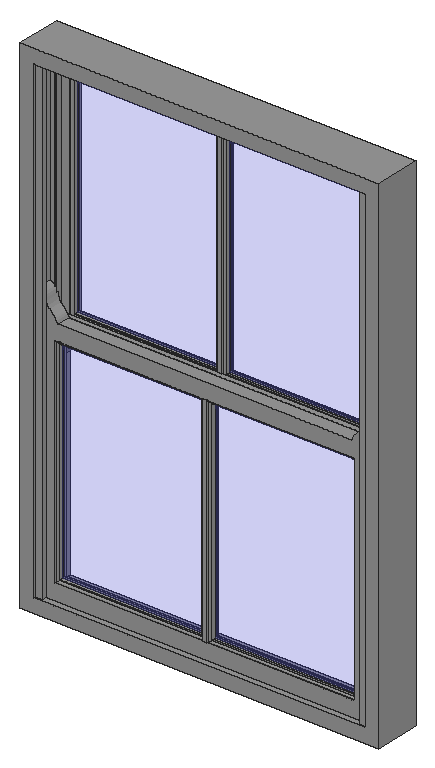
Revit family "HMEL3V", category Windows, host Wall, Revit 2015
Parameters (values of type "HMEL3V")
  Height = 1550 mm
  Default Lintel Height = 2100 mm
  Wall Closure = By host
  Width = 1100 mm
Reference planes
  plane 1 "Center (Front/Back)": y = 0
  plane 2 "Center (Left/Right)": x = 0
  plane 3 "Left": x = -550
  plane 4 "Right": x = 550
  plane 5 "Sill": z = 550
  plane 6 "Head": z = 2100
  plane 7 "Exterior": y = 100
  plane 8 "Interior": y = -100
  plane 9: y = -28.5
  plane 10: y = 23.5
  plane 11: z = 1325
  plane 12: z = 1353.5
  plane 13: z = 1296.5
Forms (mm)
  Sweep 1, solid, material "Lauan, Meranti"
    path origin (-10500, 23.5, 2100) x (0, 0, -1) y (-1, 0, 0)
      loop
        line (0, -11050) -> (1550, -11050) -> (1550, -9950) -> (0, -9950) -> (0, -11050)
    profile origin (0, 23.5, 2100) x (0, 0, 1) y (0, 1, 0)
      loop
        line (0, 46.5) -> (-42, 46.5) -> (-42, -93.5) -> (0, -93.5) -> (0, 46.5)
  Extrusion 2, solid, material "Lauan, Meranti"
    sketch origin (-10450, 7.5, 1787.5) x (0, 0, -1) y (-1, 0, 0)
      loop
        line (491, -10901) -> (491, -10958) -> (576, -10958)
        spline (576, -10958) -> (568.022, -10945.331) -> (558.494, -10938.581) -> (548.752, -10935.386) -> (540.116, -10933.399) -> (533.202, -10931.197) -> (527.644, -10928.636) -> (523.005, -10925.669) -> (518.783, -10922.149) -> (514.297, -10917.644) -> (508.83, -10911.691) -> (501.472, -10905.147) -> (491, -10901)
      loop
        spline (491, -9999) -> (501.472, -9994.853) -> (508.83, -9988.309) -> (514.297, -9982.356) -> (518.783, -9977.851) -> (523.005, -9974.331) -> (527.644, -9971.364) -> (533.202, -9968.803) -> (540.116, -9966.601) -> (548.752, -9964.614) -> (558.494, -9961.419) -> (568.022, -9954.669) -> (576, -9942)
        line (576, -9942) -> (491, -9942) -> (491, -9999)
    from 0 to 42
  Extrusion 3, solid, material "Lauan, Meranti"
    sketch origin (-10450, -49.5, 862.5) x (0, 0, 1) y (1, 0, 0)
      loop
        spline (491, 10901) -> (501.472, 10905.147) -> (508.83, 10911.691) -> (514.297, 10917.644) -> (518.783, 10922.149) -> (523.005, 10925.669) -> (527.644, 10928.636) -> (533.202, 10931.197) -> (540.116, 10933.399) -> (548.752, 10935.386) -> (558.494, 10938.581) -> (568.022, 10945.331) -> (576, 10958)
        line (576, 10958) -> (491, 10958) -> (491, 10901)
      loop
        line (491, 9999) -> (491, 9942) -> (576, 9942)
        spline (576, 9942) -> (568.022, 9954.669) -> (558.494, 9961.419) -> (548.752, 9964.614) -> (540.116, 9966.601) -> (533.202, 9968.803) -> (527.644, 9971.364) -> (523.005, 9974.331) -> (518.783, 9977.851) -> (514.297, 9982.356) -> (508.83, 9988.309) -> (501.472, 9994.853) -> (491, 9999)
    from 0 to 42
  Extrusion 4, solid, material "Lauan, Meranti"
    sketch origin (-350, 0, -325) x (0, -1, 0) y (0, 0, 1)
      loop
        line (7.5, 1678.5) -> (-7.5, 1678.5) -> (-7.5, 1659.5) -> (-4.5, 1659.5) -> (-4.5, 1656.5) -> (7.5, 1656.5) -> (7.5, 1672) -> (0.5, 1672) -> (0.5, 1675) -> (7.5, 1675) -> (7.5, 1678.5)
    from 136 to -836
  Sweep 5, solid, material "Lauan, Meranti"
    path origin (-10438.635, 31, 1890.568) x (0, 0, -1) y (-1, 0, 0)
      loop
        line (-167.432, -10946.635) -> (594.068, -10946.635) -> (594.068, -9930.635) -> (-167.432, -9930.635) -> (-167.432, -10946.635)
    profile origin (0, 31, 2058) x (0, 0, 1) y (0, 1, 0)
      loop
        line (-48, 18.5) -> (-48, -6.5) -> (-57, -6.5) -> (-57, -14.499) -> (-53.996, -14.499)
        arc (-53.996, -14.499) -> (-52.238, -18.744) -> (-47.994, -20.502) r 6.002
        line (-47.994, -20.502) -> (-47.994, -23.5) -> (0, -23.5) -> (0, 18.5) -> (-48, 18.5)
  Sweep 6, solid, material "Lauan, Meranti"
    path origin (-10445.632, 16, 1688.784) x (0, 0, -1) y (-1, 0, 0)
      loop
        line (335.284, -10953.632) -> (1096.784, -10953.632) -> (1096.784, -9937.632) -> (335.284, -9937.632) -> (335.284, -10953.632)
    profile origin (0, 16, 1353.5) x (0, 0, 1) y (0, 1, 0)
      loop
        line (0, -65.5) -> (0, -23.5) -> (-48, -23.5) -> (-48, -48.5) -> (-57, -48.5) -> (-57, -56.499) -> (-53.996, -56.499)
        arc (-53.996, -56.499) -> (-52.238, -60.744) -> (-47.994, -62.502) r 6.002
        line (-47.994, -62.502) -> (-47.994, -65.5) -> (0, -65.5)
  Extrusion 7, solid, material "Lauan, Meranti"
    sketch origin (0, -31, -690.964) x (1, 0, 0) y (0, 1, 0)
      loop
        line (-6.5, 23.5) -> (-6.5, -1.5) -> (-15.5, -1.5) -> (-15.5, -9.5) -> (-12.5, -9.5)
        arc (-12.5, -9.5) -> (-10.743, -13.743) -> (-6.5, -15.5) r 6
        line (-6.5, -15.5) -> (-6.5, -18.5) -> (6.5, -18.5) -> (6.5, -15.5)
        arc (6.5, -15.5) -> (10.743, -13.743) -> (12.5, -9.5) r 6
        line (12.5, -9.5) -> (15.5, -9.5) -> (15.5, -1.5) -> (6.5, -1.5) -> (6.5, 23.5) -> (-6.5, 23.5)
    from 1330.958 to 1996.471
  Extrusion 8, solid, material "Lauan, Meranti"
    sketch origin (0, 26, 253.471) x (1, 0, 0) y (0, 1, 0)
      loop
        line (-6.5, 23.5) -> (-6.5, -1.5) -> (-15.5, -1.5) -> (-15.5, -9.5) -> (-12.5, -9.5)
        arc (-12.5, -9.5) -> (-10.743, -13.743) -> (-6.5, -15.5) r 6
        line (-6.5, -15.5) -> (-6.5, -18.5) -> (6.5, -18.5) -> (6.5, -15.5)
        arc (6.5, -15.5) -> (10.743, -13.743) -> (12.5, -9.5) r 6
        line (12.5, -9.5) -> (15.5, -9.5) -> (15.5, -1.5) -> (6.5, -1.5) -> (6.5, 23.5) -> (-6.5, 23.5)
    from 1091.029 to 1756.529
  Extrusion 9, solid, material "Lauan, Meranti"
    sketch origin (-4.429, 187.242, 831.33) x (1, 0, 0) y (0, 1, 0)
      loop
        line (490.429, -194.742) -> (493.929, -194.742) -> (493.929, -187.742) -> (496.929, -187.742) -> (496.929, -194.742) -> (512.429, -194.742) -> (512.429, -182.742) -> (509.429, -182.742) -> (509.429, -179.742) -> (490.429, -179.742) -> (490.429, -194.742)
      loop
        line (490.429, -236.742) -> (490.429, -251.742) -> (509.429, -251.742) -> (509.429, -248.742) -> (512.429, -248.742) -> (512.429, -236.742) -> (496.929, -236.742) -> (496.929, -243.742) -> (493.929, -243.742) -> (493.929, -236.742) -> (490.429, -236.742)
      loop
        line (-481.571, -194.742) -> (-481.571, -179.742) -> (-500.571, -179.742) -> (-500.571, -182.742) -> (-503.571, -182.742) -> (-503.571, -194.742) -> (-488.071, -194.742) -> (-488.071, -187.742) -> (-485.071, -187.742) -> (-485.071, -194.742) -> (-481.571, -194.742)
      loop
        line (-481.571, -236.742) -> (-485.071, -236.742) -> (-485.071, -243.742) -> (-488.071, -243.742) -> (-488.071, -236.742) -> (-503.571, -236.742) -> (-503.571, -248.742) -> (-500.571, -248.742) -> (-500.571, -251.742) -> (-481.571, -251.742) -> (-481.571, -236.742)
    from -239.33 to 1226.67
  Sweep 10, solid, material "Lauan, Meranti"
    path origin (160.772, 92.5, -838.914) x (1, 0, 0) y (0, 0, 1)
      loop
        line (299.234, 2144.42) -> (-154.272, 2144.42) -> (-154.272, 1478.908) -> (299.234, 1478.908) -> (299.234, 2144.42)
    profile origin (233.253, 92.5, 1305.506) x (0, 0, -1) y (0, -1, 0)
      loop
        arc (0, 110.6) -> (4.67, 112.234) -> (7, 116.6) r 6.807
        line (7, 116.6) -> (9, 116.6) -> (9, 118.6) -> (0, 118.6) -> (0, 110.6)
  Sweep 11, solid, material "Lauan, Meranti"
    path origin (-25.112, 107.5, -360.739) x (1, 0, 0) y (0, 0, 1)
      loop
        line (485.112, 2370.739) -> (31.612, 2370.739) -> (31.612, 1705.239) -> (485.112, 1705.239) -> (485.112, 2370.739)
    profile origin (233.25, 107.5, 2010) x (0, 0, -1) y (0, -1, 0)
      loop
        arc (0, 68.6) -> (4.67, 70.234) -> (7, 74.6) r 6.807
        line (7, 74.6) -> (9, 74.6) -> (9, 76.6) -> (0, 76.6) -> (0, 68.6)
  Extrusion 12, solid, material "Glass"
    sketch origin (-10686.028, -32.5, 1463.068) x (0, 0, -1) y (-1, 0, 0)
      loop
        line (157.562, -11146.034) -> (823.074, -11146.034) -> (823.074, -10692.528) -> (157.562, -10692.528) -> (157.562, -11146.034)
      loop
        line (157.562, -10679.528) -> (823.074, -10679.528) -> (823.074, -10226.022) -> (157.562, -10226.022) -> (157.562, -10679.528)
    from 0 to 6.4
  Extrusion 13, solid, material "Glass"
    sketch origin (-10609.375, 24.5, 2027.035) x (0, 0, -1) y (-1, 0, 0)
      loop
        line (17.035, -11069.375) -> (682.535, -11069.375) -> (682.535, -10615.875) -> (17.035, -10615.875) -> (17.035, -11069.375)
      loop
        line (17.035, -10602.875) -> (682.535, -10602.875) -> (682.535, -10149.375) -> (17.035, -10149.375) -> (17.035, -10602.875)
    from 0 to 6.4
  Sweep 14, solid, material "Lauan, Meranti"
    path origin (-160.772, 92.5, -838.914) x (-1, 0, 0) y (0, 0, -1)
      loop
        line (299.234, -2144.42) -> (299.234, -1478.908) -> (-154.272, -1478.908) -> (-154.272, -2144.42) -> (299.234, -2144.42)
    profile origin (-233.253, 92.5, 1305.506) x (0, 0, 1) y (0, -1, 0)
      loop
        line (0, 110.6) -> (0, 118.6) -> (-9, 118.6) -> (-9, 116.6) -> (-7, 116.6)
        arc (-7, 116.6) -> (-4.67, 112.234) -> (0, 110.6) r 6.807
  Sweep 15, solid, material "Lauan, Meranti"
    path origin (25.112, 107.5, -360.739) x (-1, 0, 0) y (0, 0, -1)
      loop
        line (485.112, -2370.739) -> (485.112, -1705.239) -> (31.612, -1705.239) -> (31.612, -2370.739) -> (485.112, -2370.739)
    profile origin (-233.25, 107.5, 2010) x (0, 0, 1) y (0, -1, 0)
      loop
        line (0, 68.6) -> (0, 76.6) -> (-9, 76.6) -> (-9, 74.6) -> (-7, 74.6)
        arc (-7, 74.6) -> (-4.67, 70.234) -> (0, 68.6) r 6.807
Cuts and joins
  joined: Extrusion 2, Sweep 5
  joined: Extrusion 3, Sweep 6
Lines and regions (mm)
  Opening 1
    outline origin (3500, -100, 0) x (1, 0, 0) y (0, 0, 1)
      loop
        line (-2950, 550) -> (-2950, 2100) -> (-4050, 2100) -> (-4050, 550) -> (-2950, 550)
  model lines
    curve 1: line (508, 49.5, 2058) -> (0, 49.5, 1296.5)
    curve 2: line (-508, 49.5, 2058) -> (0, 49.5, 1296.5)
    curve 3: line (-238.25, -7.5, 742.422) -> (-238.25, -7.5, 1042.422)
    curve 4: line (-238.25, -7.5, 1181.5) -> (-182.059, -7.5, 1042.422)
    curve 5: line (-182.059, -7.5, 1042.422) -> (-294.441, -7.5, 1042.422)
    curve 6: line (-238.25, -7.5, 1181.5) -> (-294.441, -7.5, 1042.422)
Text (mm)
  text "EXTERIOR" at (-1963.203, 1332.353, 0), in view "Ref. Level"
  text "INTERIOR" at (-1981.466, -818.386, 0), in view "Ref. Level"
  text "Exterior" at (0, 923.751, 2943.296), in view "Right"
  text "Exterior" at (0, 1040.484, 2685.409), in view "Left"
Dimensions and locks
  equal spacing: plane 3 "Left", plane 2 "Center (Left/Right)", plane 4 "Right"
  "Width": plane 3 "Left" to plane 4 "Right"
  "Height": plane 5 "Sill" to plane 6 "Head"
  "Default Lintel Height": plane 6 "Head" to level
  locked: plane 7 "Exterior" to host wall at 0
  locked: plane 8 "Interior" to host wall
  locked: plane 10 to plane 9 at 52
  plane 3 "Left" to plane 4 "Right" = 1100 mm
  aligned and locked: Sweep 1 sketch curve to host wall  (x4)
  aligned and locked: Extrusion 9 to Sweep 1  (x2)
  aligned and locked: Extrusion 4 to Extrusion 9  (x2)
  aligned and locked: Sweep 6 sketch curve to plane 12
  aligned and locked: Sweep 6 sketch curve to Sweep 1  (x2)
  aligned and locked: Sweep 1 to Sweep 6 sketch curve
  aligned and locked: Extrusion 7 to Sweep 6  (x2)
  aligned and locked: Sweep 5 sketch curve to plane 13
  aligned and locked: Sweep 5 sketch curve to Sweep 1  (x2)
  aligned and locked: Sweep 1 to Sweep 5 sketch curve
  aligned and locked: Extrusion 8 to Sweep 5  (x2)
  aligned and locked: Extrusion 12 sketch curve to Extrusion 12 sketch curve
  aligned and locked: Extrusion 13 to Sweep 5  (x6)
  aligned and locked: Extrusion 13 to Extrusion 8  (x2)
  aligned and locked: Extrusion 12 to Sweep 6  (x5)
  aligned and locked: Extrusion 12 to Extrusion 7  (x2)
  aligned and locked: Sweep 10 sketch curve to Extrusion 7
  aligned and locked: Sweep 10 sketch curve to Sweep 6  (x2)
  aligned and locked: Sweep 6 to Sweep 10 sketch curve
  aligned and locked: Sweep 11 sketch curve to Sweep 5  (x3)
  aligned and locked: Sweep 11 sketch curve to Extrusion 8
Automatic sketch dimensions
  plane 3 "Left" to Opening 1 sketch curve = 0 mm
  plane 4 "Right" to Opening 1 sketch curve = 0 mm
  Opening 1 sketch curve to plane 5 "Sill" = 0 mm
  Opening 1 sketch curve to plane 6 "Head" = 0 mm
  profile plane to Sweep 1 sketch curve = 0 mm
  profile plane to Sweep 1 sketch curve = 42 mm
  Sweep 1 sketch curve to plane 10 = 93.5 mm
  plane 10 to Sweep 1 sketch curve = 46.5 mm
  plane 2 "Center (Left/Right)" to curve 1 = 0 mm
  curve 1 to plane 13 = 0 mm
  curve 2 to plane 3 "Left" = 42 mm
  plane 4 "Right" to curve 1 = 42 mm
  plane 6 "Head" to curve 2 = 42 mm
  plane 6 "Head" to curve 1 = 42 mm
  plane 13 to curve 4 = 115 mm
  curve 4 to curve 4 = 139.078 mm
  curve 6 to plane 3 "Left" = 255.559 mm
  curve 5 to curve 4 = 56.191 mm
  curve 5 to curve 5 = 112.382 mm
  curve 3 to plane 5 "Sill" = 192.422 mm
  curve 3 to curve 4 = 56.191 mm
  Extrusion 2 sketch curve to plane 13 = 0 mm  (x2)
  Extrusion 2 sketch curve to plane 3 "Left" = 42 mm
  Extrusion 2 sketch curve to Extrusion 2 sketch curve = 85 mm  (x2)
  plane 4 "Right" to Extrusion 2 sketch curve = 42 mm
  Extrusion 2 sketch curve to Extrusion 2 sketch curve = 57 mm  (x2)
  Extrusion 3 sketch curve to plane 12 = 0 mm  (x2)
  Extrusion 3 sketch curve to plane 3 "Left" = 42 mm
  plane 12 to Extrusion 3 sketch curve = 85 mm  (x2)
  plane 4 "Right" to Extrusion 3 sketch curve = 42 mm
  Extrusion 3 sketch curve to Extrusion 3 sketch curve = 57 mm  (x2)
  Extrusion 4 sketch curve to plane 12 = 0 mm
  Extrusion 4 sketch curve to host wall = 7.5 mm
  Extrusion 4 sketch curve to Extrusion 4 sketch curve = 3 mm  (x2)
  host wall to Extrusion 4 sketch curve = 0.5 mm
  Extrusion 4 sketch curve to Extrusion 4 sketch curve = 7 mm
  host wall to Extrusion 4 sketch curve = 7.5 mm
  Extrusion 4 sketch curve to plane 12 = 3.5 mm
  plane 11 to Extrusion 4 sketch curve = 9.5 mm
  plane 11 to Extrusion 4 sketch curve = 6.5 mm
  Sweep 5 sketch curve to plane 3 "Left" = 42 mm
  profile plane to Sweep 5 sketch curve = 0 mm
  Sweep 5 sketch curve to profile plane = 23.5 mm
  profile plane to Sweep 5 sketch curve = 47.994 mm
  Sweep 5 sketch curve to Sweep 5 sketch curve = 0.006 mm
  Sweep 5 sketch curve to Sweep 5 sketch curve = 6.002 mm
  Sweep 5 sketch curve to Sweep 5 sketch curve = 3.004 mm
  Sweep 5 sketch curve to Sweep 5 sketch curve = 2.998 mm
  Sweep 5 sketch curve to profile plane = 6.5 mm
  profile plane to Sweep 5 sketch curve = 18.5 mm
  profile plane to Sweep 6 sketch curve = 0 mm
  profile plane to Sweep 6 sketch curve = 47.994 mm
  Sweep 6 sketch curve to Sweep 6 sketch curve = 0.006 mm
  Sweep 6 sketch curve to Sweep 6 sketch curve = 6.002 mm
  Sweep 6 sketch curve to Sweep 6 sketch curve = 3.004 mm
  Sweep 6 sketch curve to profile plane = 65.5 mm
  Sweep 6 sketch curve to Sweep 6 sketch curve = 2.998 mm
  Sweep 6 sketch curve to Sweep 6 sketch curve = 7.999 mm
  Sweep 6 sketch curve to profile plane = 23.5 mm
  plane 2 "Center (Left/Right)" to Extrusion 7 sketch curve = 15.5 mm
  Extrusion 7 sketch curve to Extrusion 7 sketch curve = 3 mm  (x3)
  plane 2 "Center (Left/Right)" to Extrusion 7 sketch curve = 6.5 mm  (x2)
  Extrusion 7 sketch curve to plane 2 "Center (Left/Right)" = 6.5 mm  (x2)
  Extrusion 7 sketch curve to Extrusion 7 sketch curve = 6 mm
  Extrusion 7 sketch curve to plane 9 = 4 mm  (x2)
  Extrusion 7 sketch curve to Extrusion 7 sketch curve = 8 mm
  Extrusion 7 sketch curve to plane 9 = 12 mm
  host wall to Extrusion 7 sketch curve = 7.5 mm
  Extrusion 8 sketch curve to plane 10 = 7 mm
  plane 2 "Center (Left/Right)" to Extrusion 8 sketch curve = 15.5 mm
  Extrusion 8 sketch curve to Extrusion 8 sketch curve = 3 mm  (x3)
  plane 10 to Extrusion 8 sketch curve = 1 mm  (x2)
  plane 2 "Center (Left/Right)" to Extrusion 8 sketch curve = 6.5 mm  (x2)
  Extrusion 8 sketch curve to plane 2 "Center (Left/Right)" = 6.5 mm  (x2)
  Extrusion 8 sketch curve to Extrusion 8 sketch curve = 6 mm
  Extrusion 8 sketch curve to host wall = 10.5 mm
  Extrusion 8 sketch curve to Extrusion 8 sketch curve = 25 mm
  Extrusion 9 sketch curve to plane 3 "Left" = 42 mm
  host wall to Extrusion 9 sketch curve = 7.5 mm  (x2)
  Extrusion 9 sketch curve to Extrusion 9 sketch curve = 0 mm  (x5)
  Extrusion 9 sketch curve to Extrusion 9 sketch curve = 3 mm  (x11)
  Extrusion 9 sketch curve to Extrusion 9 sketch curve = 15.5 mm  (x2)
  host wall to Extrusion 9 sketch curve = 0.5 mm  (x2)
  Extrusion 9 sketch curve to Extrusion 9 sketch curve = 3.5 mm  (x4)
  plane 4 "Right" to Extrusion 9 sketch curve = 64 mm
  Extrusion 9 sketch curve to plane 9 = 21 mm
  Extrusion 9 sketch curve to Extrusion 9 sketch curve = 12.5 mm  (x2)
  Extrusion 9 sketch curve to host wall = 4.5 mm  (x2)
  Extrusion 9 sketch curve to Extrusion 9 sketch curve = 7 mm  (x2)
  Extrusion 9 sketch curve to plane 9 = 28 mm
  Extrusion 9 sketch curve to Extrusion 9 sketch curve = 5 mm  (x2)
  Extrusion 9 sketch curve to Extrusion 9 sketch curve = 12 mm
  Extrusion 9 sketch curve to host wall = 7.5 mm
  Sweep 10 sketch curve to profile plane = 0 mm
  Sweep 10 sketch curve to profile plane = 0.241 mm
  Sweep 10 sketch curve to Sweep 10 sketch curve = 6.759 mm
  Sweep 10 sketch curve to Sweep 10 sketch curve = 2 mm  (x2)
  profile plane to Sweep 10 sketch curve = 110.6 mm
  Sweep 10 sketch curve to Sweep 10 sketch curve = 6 mm
  Sweep 11 sketch curve to profile plane = 0 mm
  Sweep 11 sketch curve to profile plane = 0.241 mm
  Sweep 11 sketch curve to Sweep 11 sketch curve = 6.759 mm
  Sweep 11 sketch curve to Sweep 11 sketch curve = 2 mm  (x2)
  profile plane to Sweep 11 sketch curve = 68.6 mm
  Sweep 11 sketch curve to Sweep 11 sketch curve = 6 mm
  Extrusion 12 sketch curve to plane 13 = 9.006 mm
  Extrusion 12 sketch curve to plane 5 "Sill" = 89.994 mm
  plane 2 "Center (Left/Right)" to Extrusion 12 sketch curve = 6.5 mm
  Extrusion 12 sketch curve to Extrusion 12 sketch curve = 0 mm
  Extrusion 12 sketch curve to plane 2 "Center (Left/Right)" = 6.5 mm
  plane 4 "Right" to Extrusion 12 sketch curve = 89.994 mm
  Extrusion 12 sketch curve to plane 3 "Left" = 89.994 mm
  plane 6 "Head" to Extrusion 13 sketch curve = 90 mm  (x2)
  Extrusion 13 sketch curve to plane 12 = 9 mm  (x2)
  plane 4 "Right" to Extrusion 13 sketch curve = 90 mm
  Extrusion 13 sketch curve to plane 2 "Center (Left/Right)" = 6.5 mm
  plane 2 "Center (Left/Right)" to Extrusion 13 sketch curve = 6.5 mm
  Extrusion 13 sketch curve to plane 3 "Left" = 90 mm
  plane 2 "Center (Left/Right)" to Sweep 14 sketch curve = 6.5 mm
  Sweep 14 sketch curve to plane 3 "Left" = 89.994 mm
  Sweep 14 sketch curve to plane 13 = 9.006 mm
  Sweep 14 sketch curve to plane 5 "Sill" = 89.994 mm
  profile plane to Sweep 14 sketch curve = 0 mm
  profile plane to Sweep 14 sketch curve = 0.241 mm
  Sweep 14 sketch curve to Sweep 14 sketch curve = 6.759 mm
  Sweep 14 sketch curve to Sweep 14 sketch curve = 2 mm  (x2)
  profile plane to Sweep 14 sketch curve = 110.6 mm
  Sweep 14 sketch curve to Sweep 14 sketch curve = 6 mm
  plane 2 "Center (Left/Right)" to Sweep 15 sketch curve = 6.5 mm
  Sweep 15 sketch curve to plane 12 = 9 mm
  Sweep 15 sketch curve to plane 3 "Left" = 90 mm
  plane 6 "Head" to Sweep 15 sketch curve = 90 mm
  profile plane to Sweep 15 sketch curve = 0 mm
  profile plane to Sweep 15 sketch curve = 0.241 mm
  Sweep 15 sketch curve to Sweep 15 sketch curve = 6.759 mm
  Sweep 15 sketch curve to Sweep 15 sketch curve = 2 mm  (x2)
  profile plane to Sweep 15 sketch curve = 68.6 mm
  Sweep 15 sketch curve to Sweep 15 sketch curve = 6 mm
